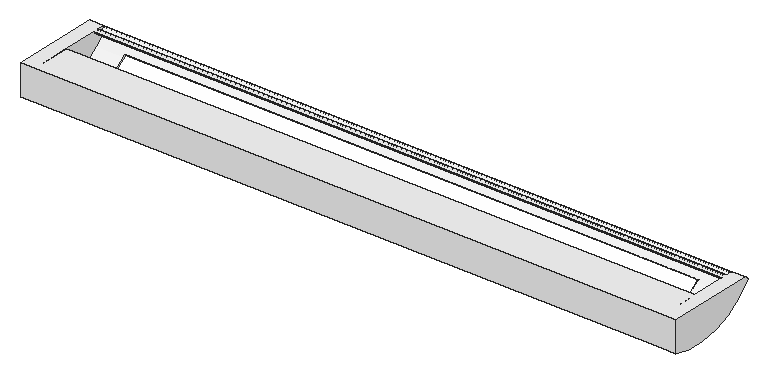
Revit family "LCV-WM", category Lighting Fixtures, host Wall, Revit 2013
Parameters (values of type "LCVWM-30HL-PERF")
  Watts = 50 W
  Wattage Comments = ""
  Wattage = 50 W
  built-in parameter 1150110 = 1 (stored number, unit not read)
  Voltage = 120 V
  URL = "https://www.hubbell.com/aleralighting/en/"
  built-in parameter 1114217 = 1 (stored number, unit not read)
  Tilt Angle = 90.00°
  built-in parameter 1150109 = 1 (stored number, unit not read)
  built-in parameter 1150134 = (empty or 0)
  built-in parameter 1150113 = 1 (stored number, unit not read)
  Row Option = LCV : 4'
  Photometric Web Link = "https://www.hubbell.com/aleralighting/en/Products/Lighting-Controls/Commercial-Indoor-Lighting/Wall-Mount/LCVWM/p/248939"
  Photometric Notes = "More IES files download on Photometric Web Link"  # constant formula
  LED Lumen Package = "High Watt"
  Housing Type = "Perforated"
  Glass = Hubbell - White Glass
  Product Page URL = "https://www.hubbell.com/aleralighting/en/Products/Lighting-Controls/Commercial-Indoor-Lighting/Wall-Mount/LCVWM/p/248939"
  Product Documentation Link = "https://hubbellcdn.com/specsheet/lcv_wm.pdf"
  Power Factor = 1
  Photometric Web File = "LCVWM-30HL-PERF.ies"
  Model = "LCV-WM"  # constant formula
  Manufacturer = "Alera Lighting"  # constant formula
  built-in parameter 1150105 = 385.95 (stored number, unit not read)
  Lumens = 4850 lm
  built-in parameter 1150115 = 1 (stored number, unit not read)
  Load Classification = Lighting
  built-in parameter 1150137 = (empty or 0)
  built-in parameter 1150139 = (empty or 0)
  built-in parameter 1150112 = 1 (stored number, unit not read)
  built-in parameter 1150114 = 1 (stored number, unit not read)
  Lamp = "LED"  # constant formula
  built-in parameter 1150132 = (empty or 0)
  built-in parameter 1150102 = (empty or 0)
  built-in parameter 1150107 = 3000 (stored number, unit not read)
  built-in parameter 1150138 = (empty or 0)
  built-in parameter 1150106 = 3.8595 (stored number, unit not read)
  Emit from Rectangle Width = 48.00"  # constant formula
  Emit from Rectangle Length = 3.00"  # constant formula
  Emit Shape Visible in Rendering = no
  built-in parameter 1150104 = 9.0116 (stored number, unit not read)
  Dimming Lamp Color Temperature Shift = <None>
  Description = "Curv LED Wall Mount"  # constant formula
  Contact Us = "https://www.hubbell.com/aleralighting/en/contactUs"
  Color Filter = 16777215
  Housing Material = Hubbell - White
  built-in parameter 1114218 = 1 (stored number, unit not read)
  built-in parameter 1150133 = 10 (stored number, unit not read)
  Assembly Code = "D5020210"
  Apparent Load = Watts / Power Factor  # 50 VA
Types (6): name | Watts | Wattage | built-in parameter 1150134 | LED Lumen Package | Photometric Web File | built-in parameter 1150105 | Lumens | built-in parameter 1150107 | built-in parameter 1150106 | built-in parameter 1150104 | Apparent Load
  LCVWM-40LW-PERF | 39.7 W | 39.7 W | 12 | "Low Watt" | "LCVWM-40LW-PERF.ies" | 344.36 (stored number, unit not read) | 4327.3 lm | 4000 (stored number, unit not read) | 3.4436 (stored number, unit not read) | 10.126 (stored number, unit not read) | 39.7 VA
  LCVWM-40HL-PERF | 50 W | 50 W | 12 | "High Watt" | "LCVWM-40HL-PERF.ies" | 421.76 (stored number, unit not read) | 5300 lm | 4000 (stored number, unit not read) | 4.2176 (stored number, unit not read) | 9.8477 (stored number, unit not read) | 50 VA
  LCVWM-35ML-PERF | 39.5 W | 39.5 W | (empty or 0) | "Medium Watt" | "LCVWM-35ML-PERF.ies" | 314.33 (stored number, unit not read) | 3950 lm | 3500 (stored number, unit not read) | 3.1433 (stored number, unit not read) | 9.2903 (stored number, unit not read) | 39.5 VA
  LCVWM-35LW-PERF | 29.7 W | 29.7 W | (empty or 0) | "Low Watt" | "LCVWM-35LW-PERF.ies" | 241.07 (stored number, unit not read) | 3029.4 lm | 3500 (stored number, unit not read) | 2.4107 (stored number, unit not read) | 9.4761 (stored number, unit not read) | 29.7 VA
  LCVWM-30ML-PERF | 39.8 W | 39.8 W | (empty or 0) | "Medium Watt" | "LCVWM-30ML-PERF.ies" | 329.39 (stored number, unit not read) | 4139.2 lm | 3000 (stored number, unit not read) | 3.2939 (stored number, unit not read) | 9.6619 (stored number, unit not read) | 39.8 VA
  LCVWM-30HL-PERF | 50 W | 50 W | (empty or 0) | "High Watt" | "LCVWM-30HL-PERF.ies" | 385.95 (stored number, unit not read) | 4850 lm | 3000 (stored number, unit not read) | 3.8595 (stored number, unit not read) | 9.0116 (stored number, unit not read) | 50 VA
Reference planes (in)
  plane 1 "Wall": y = 0
  plane 2 "Center (Left/Right)": x = 4.92126
  plane 3 "Back": y = 2.95276
  plane 4: y = 5.95276
  plane 5: z = 81.34304
Text (in)
  text "Placement Side" at (-36.97918, 19.73443, 0), in view "Ref. Level"
  text "Placement side" at (0, 27.32912, 79.68064), in view "Left"
  text "Placement side" at (0, 10.24977, 82.91007), in view "Right"
Dimensions and locks (in)
  locked: plane 3 "Back" to host wall
  locked: plane 3 "Back" to plane 4 at 3
  aligned and locked: plane 1 "Wall" to host wall
  aligned and locked: plane 4 to imposter light
  aligned and locked: plane 5 to imposter light
  aligned and locked: imposter light to plane 2 "Center (Left/Right)"
  aligned and locked: plane 2 "Center (Left/Right)" to nested 1
Nested families (in)
  nested 1: "LCV" at (6.96893, 2.95276, 79.88303) x (1, 0, 0) z (0, 1, 0), type <- "Row Option", Opal Lens <- "Glass", Backbox <- "Housing Material", type "4'"
    with Opal Lens Hubbell - White Glass, Backbox Hubbell - White
Connectors (in)
  electrical at (4.92126, 2.95276, 80.87194), driven by "Load Classification", driven by "Voltage", driven by "Apparent Load", driven by "Power Factor"
    settings: on nested 1, index 1, voltage 120 V, apparent load 50 VA, apparent load phase1 0 VA, apparent load phase2 0 VA, apparent load phase3 0 VA, power factor 1, load classification "Lighting", number of poles 1, system type 30, power factor state 1, is connector primary yes, connector utility no, sub classification motor no, connector description "Lighting Connector"
Definition of nested family "LCV"
  Parameters (values of type "8'")
    Wattage Comments = ""
    URL = ""
    Row Length = 96.00"
    Product Page URL = ""
    Product Documentation Link = ""
    Model = ""
    Manufacturer = ""
    Lamp = ""
    Opal Lens [instance] = none
    Description = ""
    Default Elevation = 48.00"
    Backbox [instance] = none
  Types (2): name | Row Length
    4' | 48.00"
    8' | 96.00"
  Reference planes (in)
    plane 1 "Center (Front/Back)": y = 0.03999
    plane 2: z = 0
    plane 3 "Center (Left/Right)": x = -2.04767
    plane 4: x = -50.04767
    plane 5: x = 45.95233
    plane 6: x = -49.04767
    plane 7: x = 44.95233
    plane 8: x = -47.04767
    plane 9: x = 42.95233
    plane 10: z = 6.625
    plane 11: y = -2.46001
  Forms (in)
    Extrusion 1, solid
      sketch origin (0, 0, 0.06357) x (1, 0, 0) y (0, 1, 0)
        loop
          line (-52.04767, 48) -> (-52.04767, -48) -> (47.95233, -48) -> (47.95233, 48) -> (-52.04767, 48)
      from -0.06357 to -6.06357
    Extrusion 2, solid, material <- "Backbox"
      sketch origin (-2.04767, -2.46001, 1.91499) x (0, 0, -1) y (0, 1, 0)
        loop
          line (1.91499, 0) -> (1.91499, 2.20665)
          arc (1.91499, 2.20665) -> (-1.69884, 2.24859) -> (-4.71001, 0.25) r 6.13889
          line (-4.71001, 0.25) -> (-4.46001, 0) -> (0.03999, 0) -> (1.91499, 0)
      from 47 to 48
    Extrusion 3, solid, material <- "Backbox"
      sketch origin (-2.04767, -2.46001, 1.91499) x (0, 0, -1) y (0, 1, 0)
        loop
          line (1.91499, 0) -> (1.91499, 2.20665)
          arc (1.91499, 2.20665) -> (-1.69884, 2.24859) -> (-4.71001, 0.25) r 6.13889
          line (-4.71001, 0.25) -> (-4.46001, 0) -> (1.91499, 0)
      from -48 to -47
    Extrusion 4, solid, material <- "Backbox"
      sketch origin (-2.04767, -2.46001, 1.91499) x (0, 0, -1) y (0, 1, 0)
        loop
          line (1.91499, 0) -> (1.91499, 2.20665)
          arc (1.91499, 2.20665) -> (-1.69884, 2.24859) -> (-4.71001, 0.25) r 6.13889
          line (-4.71001, 0.25) -> (-4.46001, 0) -> (-4.21001, 0.25) -> (-3.96001, 0) -> (-3.52927, 0) -> (-3.52927, 0.05078) -> (-3.93897, 0.05078) -> (-4.21001, 0.32182) -> (-4.46001, 0.07182) -> (-4.64147, 0.25328)
          arc (-4.64147, 0.25328) -> (-1.68016, 2.20116) -> (1.86421, 2.16949) r 6.08811
          line (1.86421, 2.16949) -> (1.86421, 0.05078) -> (-1.01927, 0.05078) -> (-1.01927, 0) -> (1.91499, 0)
      from -47 to 47
    Extrusion 5, void
      sketch origin (-2.04767, -2.46001, 1.91499) x (0, 0, -1) y (0, 1, 0)
        loop
          line (-3.97709, 1.04445) -> (-3.90334, 0.95846)
          arc (-3.90334, 0.95846) -> (-2.85143, 1.68326) -> (-1.67089, 2.17131) r 6.05686
          line (-1.67089, 2.17131) -> (-1.70289, 2.27998)
          arc (-1.70289, 2.27998) -> (-2.9055, 1.7828) -> (-3.97709, 1.04445) r 6.17014
      from -45 to 45
    Extrusion 6, solid, material <- "Opal Lens"
      sketch origin (-2.04767, -2.46001, 1.91499) x (0, 0, -1) y (0, 1, 0)
        loop
          arc (-3.92369, 0.98218) -> (-2.86634, 1.71072) -> (-1.67972, 2.20129) r 6.08811
          line (-1.67972, 2.20129) -> (-1.69406, 2.25)
          arc (-1.69406, 2.25) -> (-2.89059, 1.75534) -> (-3.95675, 1.02073) r 6.13889
          line (-3.95675, 1.02073) -> (-3.92369, 0.98218)
      from -45 to 45
    Extrusion 7, solid, material <- "Backbox"
      sketch origin (-2.04767, -2.46001, 1.91499) x (0, 0, -1) y (0, 1, 0)
        loop
          line (-0.70947, 2.40291) -> (-0.70947, 0.05078) -> (0.78946, 0.05078) -> (0.78946, 2.40291)
          arc (0.78946, 2.40291) -> (0.03999, 2.44922) -> (-0.70947, 2.40291) r 6.08811
      from -47 to 47
  Cuts and joins
    Extrusion 5 cuts Extrusion 2
    Extrusion 5 cuts Extrusion 3
    Extrusion 5 cuts Extrusion 4
    joined: Extrusion 2, Extrusion 3, Extrusion 4
  Dimensions and locks (in)
    equal spacing: plane 5, plane 3 "Center (Left/Right)", plane 4
    plane 6 to plane 4 = 1.00"
    "Row Length": plane 5 to plane 4
    equal spacing: plane 7, plane 3 "Center (Left/Right)", plane 6
    locked: plane 6 to plane 8 at 2
    Extrusion 1 sketch curve to plane 3 "Center (Left/Right)" to Extrusion 1 sketch curve = 50.00", 50.00"
    locked: Extrusion 4 sketch curve to Extrusion 4 sketch curve at 0.38383
    locked: plane 9 to plane 7 at 2
    locked: Extrusion 7 sketch curve to Extrusion 7 sketch curve at 1.49893
    locked: plane 10 to Extrusion 1 at 6.625
    locked: plane 1 "Center (Front/Back)" to plane 11 at 2.5
    aligned and locked: plane 2 to Extrusion 1
    aligned and locked: plane 5 to Extrusion 2
    aligned and locked: Extrusion 2 to plane 7
    aligned and locked: Extrusion 3 to plane 4
    aligned and locked: plane 6 to Extrusion 3
    aligned and locked: Extrusion 4 to plane 6
    aligned and locked: plane 7 to Extrusion 4
    aligned and locked: cut or joined group of Extrusion 2, Extrusion 3, Extrusion 4, Extrusion 5 to plane 8
    aligned and locked: plane 9 to cut or joined group of Extrusion 2, Extrusion 3, Extrusion 4, Extrusion 5
    aligned and locked: Extrusion 6 sketch curve to cut or joined group of Extrusion 2, Extrusion 3, Extrusion 4, Extrusion 5  (x2)
    aligned and locked: Extrusion 6 to plane 8
    aligned and locked: plane 9 to Extrusion 6
    aligned and locked: Extrusion 7 sketch curve to cut or joined group of Extrusion 2, Extrusion 3, Extrusion 4, Extrusion 5  (x2)
    aligned and locked: plane 6 to cut or joined group of Extrusion 2, Extrusion 3, Extrusion 4, Extrusion 5
    aligned and locked: cut or joined group of Extrusion 2, Extrusion 3, Extrusion 4, Extrusion 5 to plane 7
    aligned and locked: plane 7 to Extrusion 7
    aligned and locked: Extrusion 7 to plane 6
    aligned and locked: plane 11 to cut or joined group of Extrusion 2, Extrusion 3, Extrusion 4, Extrusion 5
    aligned and locked: cut or joined group of Extrusion 2, Extrusion 3, Extrusion 4, Extrusion 5 to Extrusion 1
  Automatic sketch dimensions
    Extrusion 1 sketch curve to Extrusion 1 sketch curve = 96.00"
    Extrusion 2 sketch curve to Extrusion 2 sketch curve = 0.25"  (x2)
    level to Extrusion 2 sketch curve = 1.875"  (x2)
    Extrusion 2 sketch curve to level = 0.00"
    Extrusion 3 sketch curve to Extrusion 3 sketch curve = 0.25"  (x2)
    level to Extrusion 3 sketch curve = 1.875"
    Extrusion 3 sketch curve to level = 0.00"
    Extrusion 5 sketch curve to Extrusion 5 sketch curve = 0.00"  (x3)
    Extrusion 5 sketch curve to Extrusion 5 sketch curve = 0.07375"
    Extrusion 5 sketch curve to Extrusion 5 sketch curve = 0.032"
    level to Extrusion 5 sketch curve = 1.875"
    Extrusion 5 sketch curve to Extrusion 5 sketch curve = 0.08598"
    Extrusion 6 sketch curve to Extrusion 6 sketch curve = 0.00"  (x3)
    level to Extrusion 6 sketch curve = 1.875"
    Extrusion 2 sketch curve to Extrusion 2 sketch curve = 4.50"
    Extrusion 3 sketch curve to Extrusion 3 sketch curve = 4.50"
    plane 1 "Center (Front/Back)" to Extrusion 5 sketch curve = 0.32869"
    level to Extrusion 5 sketch curve = 3.58588"
    plane 1 "Center (Front/Back)" to Extrusion 6 sketch curve = 0.25"
    plane 1 "Center (Front/Back)" to Extrusion 7 sketch curve = 0.09709"
    plane 1 "Center (Front/Back)" to Extrusion 2 sketch curve = 6.13889"
    plane 1 "Center (Front/Back)" to Extrusion 2 sketch curve = 2.50"
    plane 1 "Center (Front/Back)" to Extrusion 3 sketch curve = 6.13889"
    plane 1 "Center (Front/Back)" to Extrusion 3 sketch curve = 2.50"
    Extrusion 5 sketch curve to plane 10 = 0.80667"
    plane 1 "Center (Front/Back)" to Extrusion 5 sketch curve = 1.45555"
    Extrusion 6 sketch curve to plane 10 = 0.78632"
    Extrusion 6 sketch curve to Extrusion 6 sketch curve = 0.03306"
    Extrusion 4 sketch curve to Extrusion 4 sketch curve = 0.00"  (x4)
    Extrusion 4 sketch curve to plane 10 = 0.00"
    Extrusion 4 sketch curve to plane 11 = 0.00"
    Extrusion 4 sketch curve to level = 0.00"
    Extrusion 4 sketch curve to plane 10 = 0.06854"
    Extrusion 4 sketch curve to plane 10 = 0.25"
    Extrusion 4 sketch curve to plane 11 = 0.07182"
    Extrusion 4 sketch curve to Extrusion 4 sketch curve = 0.25"
    Extrusion 4 sketch curve to plane 11 = 0.25"
    Extrusion 4 sketch curve to Extrusion 4 sketch curve = 0.02103"
    level to Extrusion 4 sketch curve = 0.05078"
    Extrusion 4 sketch curve to plane 11 = 0.05078"  (x2)
    Extrusion 4 sketch curve to Extrusion 4 sketch curve = 0.40971"
    level to Extrusion 4 sketch curve = 1.875"
    Extrusion 4 sketch curve to Extrusion 4 sketch curve = 2.88348"
    plane 11 to Extrusion 4 sketch curve = 0.00"  (x2)
